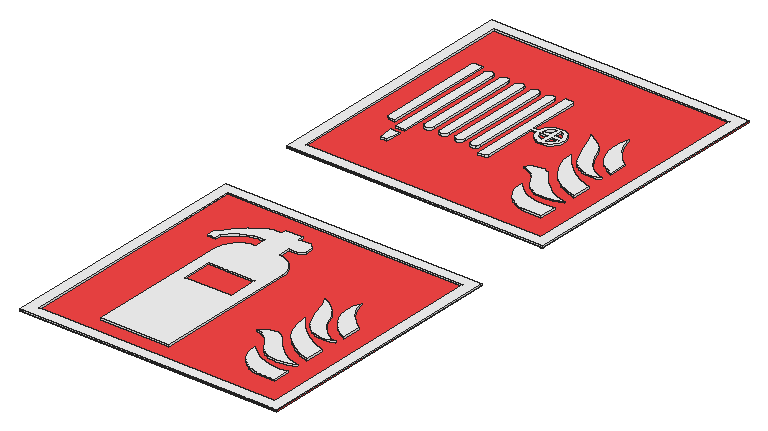
Revit family "GRAS_HWG-33N-K-20-30 HS Z", category Osprzęt hydrauliczny, Revit 2018
Family settings
  Obiekt nadrzędny = Powierzchnia
  Wymiar okrągłego złącza = Użyj średnicy
  Typ części = Normalny
  Tnij formami wycięć po wczytaniu = Nie
  Współdzielony = Nie
  Punkt obliczania pomieszczeń = Nie
Parameters (values of type "HWG-33N-K-20/30 HS-Z, RAL3000")
  W1 = 120 mm
  URL = "http://www.gras.pl/"
  Top Right Supply Connection = ""
  Top Left Supply Connection = ""
  Side Right Supply Connection = ""
  Side Left Supply Connection = ""
  Producent = "GRAS PPPH"
  Pictogram_height = 90 mm
  Opis = "http://gras.pl/wp-content/uploads/2020/01/gras-hwg-33n-k-20-30-hs-z.pdf"
  Model = "HWG-33N-K-20/30 HS-Z, RAL3000"
  K Factor = 42
  H1 = 120 mm
  Flow = 114.0 L/s
  Door_Right - Door_Left [instance] = no
  Default Elevation = 0 mm
  DN = 32 mm
  D1 = 120 mm
  Cabinet width = 995 mm
  Cabinet material = DC01, RAL3000
  Cabinet height = 895 mm
  Cabinet depth = 290 mm
  Back Right Supply Connection = ""
  Back Left Supply Connection = ""
  0 = 0 mm
Types (2, lengths in mm): name | Model | Cabinet material
  HWG-33N-K-20/30 HS-Z, RAL9010 | "HWG-33N-K-20/30 HS-Z, RAL9010" | DC01, RAL9010
  HWG-33N-K-20/30 HS-Z, RAL3000 | "HWG-33N-K-20/30 HS-Z, RAL3000" | DC01, RAL3000
Reference planes
  plane 1 "Środek (Przód/Tył)": y = 0
  plane 2: z = 0
  plane 3 "Środek (Lewa/Prawa)": x = 0
  plane 4: y = 447.5
  plane 5: y = -447.5
  plane 6: x = -497.5
  plane 7: x = 497.5
  plane 8: z = 290
  plane 9: z = 130
  plane 10: x = 397.5
  plane 11: z = 0
  plane 12: x = -397.5
  plane 13: z = 130
  plane 14: z = 130
Forms (mm)
  Extrusion 1, solid, not visible
    sketch origin (0, 0, 0) x (1, 0, 0) y (0, 1, 0)
      loop
        line (-1219.2, 1219.2) -> (-1219.2, -1219.2) -> (1219.2, -1219.2) -> (1219.2, 1219.2) -> (-1219.2, 1219.2)
    from 0 to -304.8
Dimensions and locks
  equal spacing: plane 4, plane 1 "Środek (Przód/Tył)", plane 5
  "Cabinet height": plane 4 to plane 5
  equal spacing: plane 6, plane 3 "Środek (Lewa/Prawa)", plane 7
  "Cabinet width": plane 6 to plane 7
  "Cabinet depth": plane 8 to Extrusion 1
  "0": nested 1 to plane 8
  "0": plane 3 "Środek (Lewa/Prawa)" to nested 1
  "0": plane 3 "Środek (Lewa/Prawa)" to nested 2
  "0": plane 1 "Środek (Przód/Tył)" to nested 2
  "Pictogram_height": plane 4 to nested 1
  "0": nested 2 to nested 3
  locked: nested 1 to nested 3 at 45
  aligned and locked: plane 2 to Extrusion 1
  aligned and locked: level to Extrusion 1
Automatic sketch dimensions
  Extrusion 1 sketch curve to Extrusion 1 sketch curve = 2438.4 mm  (x2)
Nested families
  nested 1: "pictogram_hydrant" at (0, 282.5, 290), type "150x150"
  nested 2: "Cabinet_complet" at (0, 0, 0), visible <- "Door_Right - Door_Left", type "Cabinet_complet"
    with W1 120 mm, Visible_Right yes, Left_Right no, Width 995 mm, H1 120 mm, Flow 114.0 L/s, Door_Width 995 mm, Door_Rubber 268 mm, Depth 290 mm, DN_Hole 52 mm, DN 32 mm, D1 120 mm
  nested 3: "pictogram_fire_extinguisher" at (0, 87.5, 290), type "150x150"
Connectors
  piping at (496.5, 327.5, 120), diameter 32, driven by "DN", driven by "Flow"
    settings: on nested 2, index 1, connector inside diameter 609.6 mm, connector length 0 mm, flow factor 0, pipe flow 114.0 L/s, pressure drop 0.0 Pa, fitting loss kfactor 0, connector angle 0.00°, fixture units 0, engagement length 0 mm, angle of deflection 0.00°, flow configuration 0, flow direction 0, fitting loss method 0, system type 7, joint type 0, gender type 0, connector reference index -1, connector utility 0, adjustable connector no, is connector primary yes, connector description ""
  piping at (377.5, 327.5, 1), diameter 32, driven by "DN", driven by "Flow"
    settings: on nested 2, index 2, connector inside diameter 609.6 mm, connector length 0 mm, flow factor 0, pipe flow 114.0 L/s, pressure drop 0.0 Pa, fitting loss kfactor 0, connector angle 0.00°, fixture units 0, engagement length 0 mm, angle of deflection 0.00°, flow configuration 0, flow direction 0, fitting loss method 0, system type 7, joint type 0, gender type 0, connector reference index -1, connector utility 0, adjustable connector no, is connector primary no, connector description ""
  piping at (-497.5, 327.5, 120), diameter 32, driven by "DN", driven by "Flow"
    settings: on nested 2, index 3, connector inside diameter 609.6 mm, connector length 0 mm, flow factor 0, pipe flow 114.0 L/s, pressure drop 0.0 Pa, fitting loss kfactor 0, connector angle 0.00°, fixture units 0, engagement length 0 mm, angle of deflection 0.00°, flow configuration 0, flow direction 0, fitting loss method 0, system type 19, joint type 0, gender type 0, connector reference index -1, connector utility 0, adjustable connector no, is connector primary no, connector description ""
  piping at (-377.5, 327.5, 0), diameter 32, driven by "DN"
    settings: on nested 2, index 4, connector inside diameter 609.6 mm, connector length 0 mm, flow factor 0, pipe flow 0.0 L/s, pressure drop 0.0 Pa, fitting loss kfactor 0, connector angle 0.00°, fixture units 0, engagement length 0 mm, angle of deflection 0.00°, flow configuration 0, flow direction 0, fitting loss method 0, system type 19, joint type 0, gender type 0, connector reference index -1, connector utility 0, adjustable connector no, is connector primary no, connector description ""
Definition of nested family "pictogram_hydrant"
  Parameters (values of type "150x150")
    pictogram_color_white = none
    pictogram_color_red = none
    W = 150 mm
    H = 150 mm
    Default Elevation = 1219.2 mm
  Reference planes
    plane 1 "Środek (Przód/Tył)": y = 0
    plane 2: z = 0
    plane 3 "Środek (Lewa/Prawa)": x = 0
    plane 4: x = -75
    plane 5: x = 75
    plane 6: y = 75
    plane 7: x = -75
    plane 8: x = 75
    plane 9: y = 75
    plane 10: y = -75
  Forms (mm)
    Extrusion 1, solid, material <- "pictogram_color_white", detail levels fine
      sketch origin (0, 0, 0) x (1, 0, 0) y (0, 1, 0)
        loop
          arc (-42.375, 34.5) -> (-45, 37.125) -> (-47.625, 34.5) r 2.625
          line (-47.625, 34.5) -> (-47.625, -29.625) -> (-42.375, -29.625) -> (-42.375, 34.5)
        loop
          arc (-38.625, -19.5) -> (-36, -22.125) -> (-33.375, -19.5) r 2.625
          line (-33.375, -19.5) -> (-33.375, 34.5)
          arc (-33.375, 34.5) -> (-36, 37.125) -> (-38.625, 34.5) r 2.625
          line (-38.625, 34.5) -> (-38.625, -19.5)
        loop
          arc (-29.625, -19.5) -> (-27, -22.125) -> (-24.375, -19.5) r 2.625
          line (-24.375, -19.5) -> (-24.375, 34.5)
          arc (-24.375, 34.5) -> (-27, 37.125) -> (-29.625, 34.5) r 2.625
          line (-29.625, 34.5) -> (-29.625, -19.5)
        loop
          arc (-20.625, -19.5) -> (-18, -22.125) -> (-15.375, -19.5) r 2.625
          line (-15.375, -19.5) -> (-15.375, 34.5)
          arc (-15.375, 34.5) -> (-18, 37.125) -> (-20.625, 34.5) r 2.625
          line (-20.625, 34.5) -> (-20.625, -19.5)
        loop
          arc (-11.625, -19.5) -> (-9, -22.125) -> (-6.375, -19.5) r 2.625
          line (-6.375, -19.5) -> (-6.375, 34.5)
          arc (-6.375, 34.5) -> (-9, 37.125) -> (-11.625, 34.5) r 2.625
          line (-11.625, 34.5) -> (-11.625, -19.5)
        loop
          arc (8.096, 6.375) -> (9.601, 3.593) -> (12.375, 2.075) r 5.587
          line (12.375, 2.075) -> (12.375, 6.375) -> (8.096, 6.375)
        loop
          arc (14.625, 2.05) -> (17.477, 3.549) -> (19.026, 6.375) r 5.587
          line (19.026, 6.375) -> (14.625, 6.375) -> (14.625, 2.05)
        loop
          arc (12.375, 12.994) -> (9.576, 11.45) -> (8.081, 8.625) r 5.587
          line (8.081, 8.625) -> (12.375, 8.625) -> (12.375, 12.994)
        loop
          arc (19.04, 8.625) -> (17.502, 11.494) -> (14.625, 13.019) r 5.587
          line (14.625, 13.019) -> (14.625, 8.625) -> (19.04, 8.625)
        loop
          arc (30.735, -35.586) -> (34.985, -47.78) -> (46.5, -53.625) r 17.285
          line (46.5, -53.625) -> (56.625, -53.625) -> (56.625, -43.857)
          arc (56.625, -43.857) -> (42.542, -43.284) -> (30.735, -35.586) r 26.558
        loop
          arc (43.5, 26.625) -> (44.037, 9.214) -> (56.632, -2.819) r 22.981
          line (56.632, -2.819) -> (56.601, 7.732)
          arc (56.601, 7.732) -> (48.159, 15.867) -> (43.5, 26.625) r 29.857
        loop
          arc (36.375, -1.5) -> (44.77, -9.178) -> (56.121, -8.425) r 14.487
          arc (56.121, -8.425) -> (50.239, -6.221) -> (45.629, -1.954) r 16.287
          arc (45.629, -1.954) -> (42.437, 2.964) -> (40.404, 8.464) r 26.509
          arc (40.404, 8.464) -> (34.776, 15.029) -> (27.375, 19.5) r 27.251
          arc (27.375, 19.5) -> (29.19, 16.657) -> (30.375, 13.5) r 16.152
          arc (30.375, 13.5) -> (32.842, 5.787) -> (36.375, -1.5) r 57.118
        loop
          line (75, -75) -> (75, 75) -> (-75, 75) -> (-75, -75) -> (75, -75)
        loop
          line (69, -69) -> (69, 69) -> (-69, 69) -> (-69, -69) -> (69, -69)
        loop
          line (-55.125, -25.5) -> (-51.375, -25.5) -> (-51.375, 38.625) -> (-55.125, 38.625) -> (-56.625, 37.125) -> (-56.625, -24) -> (-55.125, -25.5)
        loop
          line (-43.234, -41.671) -> (-42.368, -33.375) -> (-47.658, -33.375) -> (-46.721, -41.671) -> (-43.234, -41.671)
        loop
          line (5.748, 8.625) -> (2.625, 8.625) -> (2.625, 37.125) -> (1.125, 38.625) -> (-2.625, 38.625) -> (-2.625, -25.5) -> (1.125, -25.5) -> (2.625, -24) -> (2.625, 6.375) -> (5.748, 6.375)
          arc (5.748, 6.375) -> (21.333, 7.5) -> (5.748, 8.625) r 7.833
        loop
          arc (56.626, -18.699) -> (42.495, -11.687) -> (31.5, -0.375) r 46.748
          arc (31.5, -0.375) -> (38.925, -19.413) -> (56.626, -29.624) r 30.825
          line (56.626, -29.624) -> (56.626, -18.699)
        loop
          arc (30.403, -18.389) -> (25.366, -19.297) -> (21.375, -22.5) r 10.383
          arc (21.375, -22.5) -> (27.7, -25.134) -> (32.166, -30.331) r 14.829
          arc (32.166, -30.331) -> (35.524, -35.29) -> (40.5, -38.625) r 15.649
          arc (40.5, -38.625) -> (48.741, -38.75) -> (56.621, -36.335) r 26.465
          arc (56.621, -36.335) -> (49.534, -34.515) -> (43.5, -30.375) r 21.005
          arc (43.5, -30.375) -> (39.113, -26.466) -> (35.439, -21.881) r 35.088
          arc (35.439, -21.881) -> (33.209, -19.719) -> (30.403, -18.389) r 9.54
      from 0.2 to 1
    Extrusion 2, solid, material <- "pictogram_color_red", detail levels fine
      sketch origin (0, 0, 0) x (1, 0, 0) y (0, 1, 0)
        loop
          line (-75, 75) -> (-75, -75) -> (75, -75) -> (75, 75) -> (-75, 75)
      from 0 to 0.2
  Dimensions and locks
    equal spacing: plane 7, plane 3 "Środek (Lewa/Prawa)", plane 8
    "W": plane 7 to plane 8
    equal spacing: plane 9, plane 1 "Środek (Przód/Tył)", plane 10
    "H": plane 9 to plane 10
    aligned and locked: level to plane 2
    aligned and locked: Extrusion 1 to Extrusion 2  (x2)
    aligned and locked: Extrusion 2 to Extrusion 1  (x3)
    aligned and locked: Extrusion 1 to plane 7
    aligned and locked: plane 8 to Extrusion 1
    aligned and locked: plane 9 to Extrusion 1
    aligned and locked: Extrusion 1 to plane 10
  Automatic sketch dimensions
    Extrusion 1 sketch curve to Extrusion 1 sketch curve = 0 mm  (x22)
    Extrusion 1 sketch curve to plane 4 = 0 mm
    Extrusion 1 sketch curve to plane 5 = 0 mm
    Extrusion 1 sketch curve to plane 6 = 0 mm
    plane 4 to Extrusion 1 sketch curve = 6 mm
    plane 4 to Extrusion 1 sketch curve = 18.375 mm
    Extrusion 1 sketch curve to Extrusion 1 sketch curve = 1.5 mm  (x7)
    Extrusion 1 sketch curve to Extrusion 1 sketch curve = 3.75 mm  (x6)
    Extrusion 1 sketch curve to Extrusion 1 sketch curve = 3.717 mm
    Extrusion 1 sketch curve to Extrusion 1 sketch curve = 0.033 mm
    Extrusion 1 sketch curve to Extrusion 1 sketch curve = 0.938 mm
    Extrusion 1 sketch curve to Extrusion 1 sketch curve = 2.625 mm  (x7)
    Extrusion 1 sketch curve to Extrusion 1 sketch curve = 3.487 mm
    Extrusion 1 sketch curve to Extrusion 1 sketch curve = 0.007 mm
    Extrusion 1 sketch curve to plane 3 "Środek (Lewa/Prawa)" = 2.625 mm
    plane 3 "Środek (Lewa/Prawa)" to Extrusion 1 sketch curve = 1.125 mm  (x2)
    plane 3 "Środek (Lewa/Prawa)" to Extrusion 1 sketch curve = 2.625 mm
    Extrusion 1 sketch curve to Extrusion 1 sketch curve = 3.123 mm
    Extrusion 1 sketch curve to Extrusion 1 sketch curve = 2.333 mm
    Extrusion 1 sketch curve to Extrusion 1 sketch curve = 0.014 mm  (x2)
    Extrusion 1 sketch curve to Extrusion 1 sketch curve = 4.294 mm
    Extrusion 1 sketch curve to Extrusion 1 sketch curve = 1.125 mm  (x2)
    Extrusion 1 sketch curve to Extrusion 1 sketch curve = 0.061 mm
    Extrusion 1 sketch curve to Extrusion 1 sketch curve = 1.064 mm  (x2)
    Extrusion 1 sketch curve to Extrusion 1 sketch curve = 0.118 mm
    Extrusion 1 sketch curve to Extrusion 1 sketch curve = 2.539 mm
    plane 3 "Środek (Lewa/Prawa)" to Extrusion 1 sketch curve = 18.99 mm
    Extrusion 1 sketch curve to Extrusion 1 sketch curve = 4.401 mm
    Extrusion 1 sketch curve to Extrusion 1 sketch curve = 8.783 mm
    Extrusion 1 sketch curve to Extrusion 1 sketch curve = 1.895 mm
    plane 1 "Środek (Przód/Tył)" to Extrusion 1 sketch curve = 12.549 mm
    Extrusion 1 sketch curve to Extrusion 1 sketch curve = 15.349 mm
    Extrusion 1 sketch curve to plane 5 = 28.5 mm
    Extrusion 1 sketch curve to Extrusion 1 sketch curve = 1.545 mm
    Extrusion 1 sketch curve to Extrusion 1 sketch curve = 1.437 mm
    Extrusion 1 sketch curve to plane 1 "Środek (Przód/Tył)" = 4.493 mm
    Extrusion 1 sketch curve to Extrusion 1 sketch curve = 4.546 mm
    Extrusion 1 sketch curve to Extrusion 1 sketch curve = 4.061 mm
    Extrusion 1 sketch curve to Extrusion 1 sketch curve = 7.037 mm
    Extrusion 1 sketch curve to Extrusion 1 sketch curve = 10.125 mm
    Extrusion 1 sketch curve to Extrusion 1 sketch curve = 8.626 mm
    plane 1 "Środek (Przód/Tył)" to Extrusion 1 sketch curve = 2.819 mm
    Extrusion 1 sketch curve to Extrusion 1 sketch curve = 7.068 mm
    Extrusion 1 sketch curve to Extrusion 1 sketch curve = 1.594 mm
    Extrusion 1 sketch curve to Extrusion 1 sketch curve = 2.188 mm
    Extrusion 1 sketch curve to plane 1 "Środek (Przód/Tył)" = 0.672 mm
    Extrusion 1 sketch curve to Extrusion 1 sketch curve = 5.675 mm
    plane 1 "Środek (Przód/Tył)" to Extrusion 1 sketch curve = 2.314 mm
    Extrusion 1 sketch curve to Extrusion 1 sketch curve = 2.258 mm
    Extrusion 1 sketch curve to plane 5 = 9.975 mm
    Extrusion 1 sketch curve to Extrusion 1 sketch curve = 1.108 mm
    Extrusion 1 sketch curve to plane 5 = 6 mm
    Extrusion 1 sketch curve to plane 5 = 4.96 mm
    Extrusion 1 sketch curve to plane 5 = 2.306 mm
    plane 5 to Extrusion 1 sketch curve = 10.875 mm
    Extrusion 1 sketch curve to Extrusion 1 sketch curve = 12.572 mm
    Extrusion 1 sketch curve to Extrusion 1 sketch curve = 5.437 mm
    Extrusion 1 sketch curve to Extrusion 1 sketch curve = 3.308 mm
    plane 1 "Środek (Przód/Tył)" to Extrusion 1 sketch curve = 19.5 mm
    Extrusion 1 sketch curve to Extrusion 1 sketch curve = 4.5 mm  (x2)
    Extrusion 1 sketch curve to Extrusion 1 sketch curve = 6.213 mm
    Extrusion 1 sketch curve to Extrusion 1 sketch curve = 3.361 mm
    Extrusion 1 sketch curve to Extrusion 1 sketch curve = 1.186 mm
    Extrusion 1 sketch curve to Extrusion 1 sketch curve = 10.925 mm
    Extrusion 1 sketch curve to Extrusion 1 sketch curve = 4.125 mm
    Extrusion 1 sketch curve to Extrusion 1 sketch curve = 6.781 mm
    Extrusion 1 sketch curve to Extrusion 1 sketch curve = 9.577 mm
    Extrusion 1 sketch curve to Extrusion 1 sketch curve = 8.296 mm
    Extrusion 1 sketch curve to Extrusion 1 sketch curve = 7.452 mm
    Extrusion 1 sketch curve to Extrusion 1 sketch curve = 9.768 mm
    Extrusion 1 sketch curve to Extrusion 1 sketch curve = 27.329 mm
    Extrusion 1 sketch curve to Extrusion 1 sketch curve = 6 mm
    plane 1 "Środek (Przód/Tył)" to Extrusion 1 sketch curve = 5.765 mm
    Extrusion 1 sketch curve to plane 1 "Środek (Przód/Tył)" = 2.05 mm
    Extrusion 1 sketch curve to plane 1 "Środek (Przód/Tył)" = 2.075 mm
    Extrusion 1 sketch curve to Extrusion 1 sketch curve = 4.325 mm
    Extrusion 1 sketch curve to Extrusion 1 sketch curve = 0.034 mm
    Extrusion 1 sketch curve to plane 1 "Środek (Przód/Tył)" = 7.642 mm
    Extrusion 1 sketch curve to Extrusion 1 sketch curve = 0.09 mm
    Extrusion 1 sketch curve to Extrusion 1 sketch curve = 2.25 mm
    Extrusion 1 sketch curve to Extrusion 1 sketch curve = 0.809 mm
    Extrusion 1 sketch curve to Extrusion 1 sketch curve = 7.206 mm
    Extrusion 1 sketch curve to Extrusion 1 sketch curve = 3.727 mm
    Extrusion 1 sketch curve to Extrusion 1 sketch curve = 7.508 mm
    Extrusion 1 sketch curve to Extrusion 1 sketch curve = 0.917 mm
    Extrusion 1 sketch curve to Extrusion 1 sketch curve = 6.797 mm
    Extrusion 1 sketch curve to plane 1 "Środek (Przód/Tył)" = 34.5 mm
    Extrusion 1 sketch curve to plane 6 = 6 mm
    Extrusion 1 sketch curve to Extrusion 1 sketch curve = 6.399 mm
    Extrusion 1 sketch curve to Extrusion 1 sketch curve = 8.335 mm
    Extrusion 1 sketch curve to Extrusion 1 sketch curve = 3 mm
    Extrusion 1 sketch curve to Extrusion 1 sketch curve = 2.63 mm
    Extrusion 1 sketch curve to Extrusion 1 sketch curve = 2.497 mm
    Extrusion 1 sketch curve to Extrusion 1 sketch curve = 5.036 mm
    plane 1 "Środek (Przód/Tył)" to Extrusion 1 sketch curve = 1.5 mm
    Extrusion 1 sketch curve to Extrusion 1 sketch curve = 4.875 mm
    Extrusion 1 sketch curve to plane 1 "Środek (Przód/Tył)" = 8.464 mm
    Extrusion 1 sketch curve to Extrusion 1 sketch curve = 7.5 mm
    Extrusion 1 sketch curve to Extrusion 1 sketch curve = 3.063 mm
    plane 1 "Środek (Przód/Tył)" to Extrusion 1 sketch curve = 1.954 mm
    Extrusion 1 sketch curve to Extrusion 1 sketch curve = 0.005 mm
    Extrusion 2 sketch curve to plane 4 = 0 mm
    Extrusion 2 sketch curve to plane 5 = 0 mm
    Extrusion 2 sketch curve to plane 6 = 0 mm
    plane 1 "Środek (Przód/Tył)" to Extrusion 2 sketch curve = 75 mm
Definition of nested family "Cabinet_complet"
  Parameters (values of type "Cabinet_complet")
    W1 = 100 mm
    Visible_Right = not(Left_Right)  # no
    Thickness = 1 mm
    Rubber = 8 mm
    Roof = 40 mm
    Material_hinge_lock = none
    Material = none
    Left_Right = yes
    Hinge_H2 = Height - Roof - Frame - 100 mm  # 733 mm
    Hinge_H1 = 100 mm
    Half_Height = Height / 2  # 447.5 mm
    Height = 895 mm
    Width = 795 mm
    H1 = 130 mm
    Gap = 4 mm
    Frame = 22 mm
    Flow = 35.0 L/s
    Door_Width = Width  # 795 mm
    Door_Rubber = Depth - Door_Depth  # 228 mm
    Door_Height = Height - Gap - Roof - Frame  # 829 mm
    Door_Half_Height = Door_Height / 2  # 414.5 mm
    Door_Depth = 22 mm
    Depth = 250 mm
    DN_Hole = DN + 20 mm  # 45 mm
    DN = 25 mm
    D1 = 100 mm
    0 = 0 mm
  Reference planes
    plane 1 "Środek (Przód/Tył)": y = 0
    plane 2: z = 0
    plane 3 "Środek (Lewa/Prawa)": x = 0
    plane 4: z = 250
    plane 5: y = 895
    plane 6: y = -447.5
    plane 7: x = 397.5
    plane 8: x = -397.5
    plane 9: y = -33
  Dimensions and locks
    "0": plane 3 "Środek (Lewa/Prawa)" to nested 1
    "0": plane 1 "Środek (Przód/Tył)" to nested 1
    "Height": plane 5 to plane 1 "Środek (Przód/Tył)"
    "0": plane 3 "Środek (Lewa/Prawa)" to nested 2
    "Door_Rubber": nested 2 to plane 2
    "Half_Height": plane 1 "Środek (Przód/Tył)" to plane 6
    "0": nested 2 to plane 6
    equal spacing: plane 7, plane 3 "Środek (Lewa/Prawa)", plane 8
    "Width": plane 7 to plane 8
    "Depth": plane 4 to level
    "0": nested 3 to plane 8
    "0": nested 4 to plane 8
    "Hinge_H1": plane 6 to nested 4
    "Hinge_H2": nested 3 to plane 6
    "Gap": nested 3 to plane 4
    "Gap": plane 4 to nested 4
    "0": nested 6 to plane 8
    "0": plane 7 to nested 5
    "Door_Half_Height": plane 9 to plane 6
    "0": plane 9 to nested 5
    "0": nested 6 to plane 9
    "Gap": nested 6 to plane 4
    "Gap": plane 4 to nested 5
    "0": plane 3 "Środek (Lewa/Prawa)" to nested 7
    "0": nested 7 to plane 1 "Środek (Przód/Tył)"
    "0": plane 7 to nested 8
    "0": plane 7 to nested 9
    "Hinge_H1": plane 6 to nested 9
    "Hinge_H2": plane 6 to nested 8
    "Gap": plane 4 to nested 9
    "Gap": plane 4 to nested 8
    aligned and locked: level to plane 2
  Nested families
    nested 1: "HS-Z v2" at (0, 0, 0), visible <- "Visible_Right", type "HS-Z v2"
      with Srednica 45 mm
    nested 2: "door" at (0, -33, 228), type "door"
    nested 3: "zawias" at (-402.5, 310.5, 216) x (-1, 0, 0) z (0, 0, 1), visible <- "Left_Right", type "zawias"
    nested 4: "zawias" at (-402.5, -322.5, 216) x (-1, 0, 0) z (0, 0, 1), visible <- "Left_Right", type "zawias"
    nested 5: "zamek" at (397.5, -33, 211), visible <- "Left_Right", type "zamek"
    nested 6: "zamek" at (-397.5, -33, 211) x (-1, 0, 0) z (0, 0, 1), visible <- "Visible_Right", type "zamek"
    nested 7: "HS-Z v2" at (0, 0, 0) x (-1, 0, 0) z (0, 0, 1), visible <- "Left_Right", type "HS-Z v2"
      with Srednica 45 mm
    nested 8: "zawias" at (402.5, 310.5, 216), visible <- "Visible_Right", type "zawias"
    nested 9: "zawias" at (402.5, -322.5, 216), visible <- "Visible_Right", type "zawias"
  Definition of nested family "HS-Z v2"
    Parameters (values of type "HS-Z v2")
      Width = 795 mm
      W1 = 100 mm
      D1 = 100 mm
      Thickness = 1 mm
      Srednica = 100 mm
      Rubber = 8 mm
      Roof_out = 10 mm
      Roof_Height = 40 mm
      Materiał = none
      Height = 895 mm
      H1 = 130 mm
      Frame = 22 mm
      Door_Depth_rubber = Door_Depth + Rubber  # 30 mm
      Door_Depth = 22 mm
      Depth = 250 mm
      DN = 45 mm
      Cabinet_depth = Depth - Door_Depth_rubber  # 220 mm
      0 = 0 mm
    Reference planes
      plane 1 "Środek (Przód/Tył)": y = 0
      plane 2: z = 0
      plane 3 "Środek (Lewa/Prawa)": x = 0
      plane 4: x = -397.5
      plane 5: x = 397.5
      plane 6: y = 447.5
      plane 7: y = -447.5
      plane 8: z = 250
      plane 9: z = 220
      plane 10: y = 407.5
      plane 11: y = 385.5
      plane 12: z = 260
      plane 13: y = 363.5
      plane 14: z = 259
      plane 15: z = 1
      plane 16: y = -446.5
      plane 17: z = 219
      plane 18: y = 446.5
      plane 19: y = 386.5
      plane 20: y = 406.5
      plane 21: x = 396.5
      plane 22: x = -396.5
      plane 23: x = -375.5
      plane 24: x = 375.5
      plane 25: y = -425.5
      plane 26: y = 317.5
      plane 27: z = 100
      plane 28: x = 297.5
    Forms (mm)
      Extrusion 1, solid, material <- "Materiał"
        sketch origin (0, 0, 0) x (0, 1, 0) y (0, 0, 1)
          loop
            line (447.5, 0) -> (407.5, 260) -> (385.5, 260) -> (391.654, 220) -> (-447.5, 220) -> (-447.5, 0) -> (447.5, 0)
        from -397.5 to 397.5
      Extrusion 2, void
        sketch origin (0, 0, 0) x (0, 1, 0) y (0, 0, 1)
          loop
            line (446.5, 1) -> (406.5, 259) -> (386.5, 259) -> (392.702, 219) -> (-446.5, 219) -> (-446.5, 1) -> (446.5, 1)
        from -396.5 to 396.5
      Extrusion 3, void
        sketch origin (0, 0, 0) x (1, 0, 0) y (0, 1, 0)
          loop
            line (-375.5, 363.5) -> (-375.5, -425.5) -> (375.5, -425.5) -> (375.5, 363.5) -> (-375.5, 363.5)
        from 1 to 260
      Extrusion 4, void
        sketch origin (0, 0, 0) x (1, 0, 0) y (0, 1, 0)
          loop
            circle (297.5, 317.5) r 22.5
        from 0 to 110
      Extrusion 5, void
        sketch origin (397.5, 0, 0) x (0, -1, 0) y (0, 0, 1)
          loop
            circle (-317.5, 100) r 22.5
        from 0 to 1
    Cuts and joins
      Extrusion 2, Extrusion 3, Extrusion 4, Extrusion 5 cuts Extrusion 1
    Dimensions and locks
      equal spacing: plane 4, plane 3 "Środek (Lewa/Prawa)", plane 5
      "Width": plane 4 to plane 5
      equal spacing: plane 6, plane 1 "Środek (Przód/Tył)", plane 7
      "Height": plane 6 to plane 7
      "Roof_Height": plane 6 to plane 10
      "Frame": plane 10 to plane 11
      "Cabinet_depth": plane 9 to plane 2
      "Depth": plane 8 to plane 2
      "Roof_out": plane 12 to plane 8
      "Frame": plane 11 to plane 13
      "Thickness": plane 12 to plane 14
      "Thickness": plane 15 to plane 2
      "Thickness": plane 16 to plane 7
      "Thickness": plane 9 to plane 17
      "Thickness": plane 6 to plane 18
      "Thickness": plane 19 to plane 11
      "Thickness": plane 10 to plane 20
      "Thickness": plane 4 to plane 22
      "Thickness": plane 21 to plane 5
      "Frame": plane 25 to plane 7
      "Frame": plane 4 to plane 23
      "Frame": plane 24 to plane 5
      "0": cut or joined group of Extrusion 1, Extrusion 2, Extrusion 3, Extrusion 4, Extrusion 5 to plane 5
      "0": plane 4 to cut or joined group of Extrusion 1, Extrusion 2, Extrusion 3, Extrusion 4, Extrusion 5
      "0": plane 22 to cut or joined group of Extrusion 1, Extrusion 2, Extrusion 3, Extrusion 4, Extrusion 5
      "0": cut or joined group of Extrusion 1, Extrusion 2, Extrusion 3, Extrusion 4, Extrusion 5 to plane 21
      "0": plane 12 to cut or joined group of Extrusion 1, Extrusion 2, Extrusion 3, Extrusion 4, Extrusion 5
      "D1": plane 27 to level
      "H1": plane 6 to plane 26
      "W1": plane 28 to plane 5
      "0": cut or joined group of Extrusion 1, Extrusion 2, Extrusion 3, Extrusion 4, Extrusion 5 to cut or joined group of Extrusion 1, Extrusion 2, Extrusion 3, Extrusion 4, Extrusion 5
      "0": plane 21 to cut or joined group of Extrusion 1, Extrusion 2, Extrusion 3, Extrusion 4, Extrusion 5
      "0": Extrusion 5 sketch curve to plane 26
      "0": Extrusion 5 sketch curve to plane 27
      "DN": diameter of Extrusion 4 sketch curve
      "DN": diameter of Extrusion 5 sketch curve
      aligned and locked: level to plane 2
    Automatic sketch dimensions
      Extrusion 1 sketch curve to plane 7 = 0 mm
      Extrusion 1 sketch curve to plane 11 = 0 mm
      Extrusion 1 sketch curve to plane 9 = 0 mm
      Extrusion 1 sketch curve to plane 10 = 0 mm
      Extrusion 1 sketch curve to level = 0 mm
      Extrusion 1 sketch curve to plane 6 = 0 mm
      Extrusion 1 sketch curve to plane 12 = 0 mm
      Extrusion 1 sketch curve to plane 11 = 6.154 mm
      Extrusion 2 sketch curve to plane 16 = 0 mm
      Extrusion 2 sketch curve to plane 15 = 0 mm
      Extrusion 2 sketch curve to plane 14 = 0 mm
      Extrusion 2 sketch curve to plane 19 = 0 mm
      Extrusion 2 sketch curve to plane 17 = 0 mm
      Extrusion 2 sketch curve to plane 20 = 0 mm
      Extrusion 2 sketch curve to plane 18 = 0 mm
      Extrusion 2 sketch curve to plane 19 = 6.202 mm
      Extrusion 3 sketch curve to plane 23 = 0 mm
      plane 13 to Extrusion 3 sketch curve = 0 mm
      Extrusion 3 sketch curve to plane 24 = 0 mm
      Extrusion 3 sketch curve to plane 25 = 0 mm
      plane 26 to Extrusion 4 sketch curve = 0 mm
      Extrusion 4 sketch curve to plane 28 = 0 mm
  Definition of nested family "door"
    Parameters (values of type "door")
      Material = none
      Height = 829 mm
      Width = 795 mm
      Depth = 22 mm
      0 = 0 mm
    Reference planes
      plane 1 "Środek (Przód/Tył)": y = 0
      plane 2: z = 0
      plane 3 "Środek (Lewa/Prawa)": x = 0
      plane 4: x = -397.5
      plane 5: x = 397.5
      plane 6: y = 414.5
      plane 7: y = -414.5
      plane 8: z = 22
    Forms (mm)
      Extrusion 1, solid, material <- "Material"
        sketch origin (0, 0, 0) x (1, 0, 0) y (0, 1, 0)
          loop
            line (-397.5, 414.5) -> (-397.5, -414.5) -> (397.5, -414.5) -> (397.5, 414.5) -> (-397.5, 414.5)
        from 0 to 22
    Dimensions and locks
      equal spacing: plane 6, plane 1 "Środek (Przód/Tył)", plane 7
      equal spacing: plane 4, plane 3 "Środek (Lewa/Prawa)", plane 5
      "Width": plane 4 to plane 5
      "Height": plane 6 to plane 7
      "Depth": plane 8 to plane 2
      "0": plane 8 to Extrusion 1
      aligned and locked: level to plane 2
    Automatic sketch dimensions
      Extrusion 1 sketch curve to plane 4 = 0 mm
      Extrusion 1 sketch curve to plane 5 = 0 mm
      Extrusion 1 sketch curve to plane 7 = 0 mm
      Extrusion 1 sketch curve to plane 6 = 0 mm
  Definition of nested family "zawias"
    Parameters (values of type "zawias")
      width_height = 50 mm
      faza = 3 mm
      Visible = yes
      Materiał = none
      Depth = 10 mm
    Reference planes
      plane 1 "Środek (Przód/Tył)": y = 0
      plane 2: z = 0
      plane 3 "Środek (Lewa/Prawa)": x = 0
      plane 4: x = -25
      plane 5: y = 25
      plane 6: x = 25
      plane 7: y = -25
      plane 8: z = 10
      plane 9: z = 7
      plane 10: x = -3
      plane 11: x = 3
      plane 12: x = 22
      plane 13: x = -22
    Forms (mm)
      Extrusion 1, solid, material <- "Materiał"
        sketch origin (-5, 0, 5) x (0, 0, -1) y (1, 0, 0)
          loop
            line (-25, 0) -> (25, 0) -> (25, 7) -> (22, 10) -> (3, 10) -> (0, 7) -> (-3, 10) -> (-22, 10) -> (-25, 7) -> (-25, 0)
        from -25 to 25
    Dimensions and locks
      equal spacing: plane 4, plane 3 "Środek (Lewa/Prawa)", plane 6
      "width_height": plane 4 to plane 6
      equal spacing: plane 5, plane 1 "Środek (Przód/Tył)", plane 7
      "width_height": plane 5 to plane 7
      "Depth": plane 8 to plane 2
      "faza": plane 8 to plane 9
      "faza": plane 13 to plane 4
      "faza": plane 3 "Środek (Lewa/Prawa)" to plane 10
      "faza": plane 11 to plane 3 "Środek (Lewa/Prawa)"
      "faza": plane 6 to plane 12
      aligned and locked: level to plane 2
    Automatic sketch dimensions
      Extrusion 1 sketch curve to plane 10 = 2 mm
      plane 8 to Extrusion 1 sketch curve = 20 mm
      plane 11 to Extrusion 1 sketch curve = 2 mm  (x2)
      Extrusion 1 sketch curve to Extrusion 1 sketch curve = 3 mm  (x2)
      plane 9 to Extrusion 1 sketch curve = 1 mm
      Extrusion 1 sketch curve to plane 9 = 2 mm
      level to Extrusion 1 sketch curve = 2 mm
      Extrusion 1 sketch curve to level = 17 mm
      Extrusion 1 sketch curve to plane 11 = 1 mm  (x2)
  Definition of nested family "zamek"
    Parameters (values of type "zamek")
      height = 20 mm
      depth = 10 mm
      border = 3 mm
      Width = 35 mm
      Material = none
    Reference planes
      plane 1 "Środek (Przód/Tył)": y = 0
      plane 2: z = 0
      plane 3 "Środek (Lewa/Prawa)": x = 0
      plane 4: y = 10
      plane 5: y = -10
      plane 6: y = -7
      plane 7: y = 7
      plane 8: x = 10
      plane 9: x = 3
      plane 10: y = 4
      plane 11: y = -4
      plane 12: z = 35
    Forms (mm)
      Extrusion 1, solid, material <- "Material"
        sketch origin (0, 0, 0) x (1, 0, 0) y (0, 1, 0)
          loop
            line (0, 10) -> (0, -10) -> (10, -10) -> (10, -7) -> (3, -7) -> (3, -4) -> (10, -4) -> (10, 4) -> (3, 4) -> (3, 7) -> (10, 7) -> (10, 10) -> (0, 10)
        from 0 to 35
    Dimensions and locks
      equal spacing: plane 4, plane 1 "Środek (Przód/Tył)", plane 5
      "height": plane 4 to plane 5
      "border": plane 6 to plane 5
      "border": plane 7 to plane 4
      "border": plane 3 "Środek (Lewa/Prawa)" to plane 9
      "depth": plane 3 "Środek (Lewa/Prawa)" to plane 8
      "border": plane 10 to plane 7
      "border": plane 11 to plane 6
      "Width": plane 12 to plane 2
      aligned and locked: level to plane 2
    Automatic sketch dimensions
      Extrusion 1 sketch curve to plane 3 "Środek (Lewa/Prawa)" = 0 mm
      Extrusion 1 sketch curve to plane 9 = 0 mm  (x2)
      plane 7 to Extrusion 1 sketch curve = 0 mm
      Extrusion 1 sketch curve to plane 8 = 0 mm  (x3)
      Extrusion 1 sketch curve to plane 6 = 0 mm
      Extrusion 1 sketch curve to plane 5 = 0 mm
      Extrusion 1 sketch curve to plane 11 = 0 mm
      plane 10 to Extrusion 1 sketch curve = 0 mm
      Extrusion 1 sketch curve to plane 4 = 0 mm
Definition of nested family "pictogram_fire_extinguisher"
  Parameters (values of type "150x150")
    pictogram_color_white = none
    pictogram_color_red = none
    W = 150 mm
    H = 150 mm
    Default Elevation = 1219.2 mm
  Reference planes
    plane 1 "Środek (Przód/Tył)": y = 0
    plane 2: z = 0
    plane 3 "Środek (Lewa/Prawa)": x = 0
    plane 4: x = -75
    plane 5: x = 75
    plane 6: y = 75
    plane 7: x = -75
    plane 8: x = 75
    plane 9: y = 75
    plane 10: y = -75
  Forms (mm)
    Extrusion 1, solid, material <- "pictogram_color_white", detail levels fine
      sketch origin (0, 0, 0) x (1, 0, 0) y (0, 1, 0)
        loop
          arc (30.735, -35.586) -> (34.985, -47.78) -> (46.5, -53.625) r 17.285
          line (46.5, -53.625) -> (56.625, -53.625) -> (56.625, -43.857)
          arc (56.625, -43.857) -> (42.542, -43.284) -> (30.735, -35.586) r 26.558
        loop
          arc (43.5, 26.625) -> (44.037, 9.214) -> (56.632, -2.819) r 22.981
          line (56.632, -2.819) -> (56.601, 7.732)
          arc (56.601, 7.732) -> (48.159, 15.867) -> (43.5, 26.625) r 29.857
        loop
          arc (36.375, -1.5) -> (44.77, -9.178) -> (56.121, -8.425) r 14.487
          arc (56.121, -8.425) -> (50.239, -6.221) -> (45.629, -1.954) r 16.287
          arc (45.629, -1.954) -> (42.437, 2.964) -> (40.404, 8.464) r 26.509
          arc (40.404, 8.464) -> (34.776, 15.029) -> (27.375, 19.5) r 27.251
          arc (27.375, 19.5) -> (29.19, 16.657) -> (30.375, 13.5) r 16.152
          arc (30.375, 13.5) -> (32.842, 5.787) -> (36.375, -1.5) r 57.118
        loop
          line (75, -75) -> (75, 75) -> (-75, 75) -> (-75, -75) -> (75, -75)
        loop
          line (69, -69) -> (69, 69) -> (-69, 69) -> (-69, -69) -> (69, -69)
        loop
          arc (56.626, -18.699) -> (42.495, -11.687) -> (31.5, -0.375) r 46.748
          arc (31.5, -0.375) -> (38.925, -19.413) -> (56.626, -29.624) r 30.825
          line (56.626, -29.624) -> (56.626, -18.699)
        loop
          arc (30.403, -18.389) -> (25.366, -19.297) -> (21.375, -22.5) r 10.383
          arc (21.375, -22.5) -> (27.7, -25.134) -> (32.166, -30.331) r 14.829
          arc (32.166, -30.331) -> (35.524, -35.29) -> (40.5, -38.625) r 15.649
          arc (40.5, -38.625) -> (48.741, -38.75) -> (56.621, -36.335) r 26.465
          arc (56.621, -36.335) -> (49.534, -34.515) -> (43.5, -30.375) r 21.005
          arc (43.5, -30.375) -> (39.113, -26.466) -> (35.439, -21.881) r 35.088
          arc (35.439, -21.881) -> (33.209, -19.719) -> (30.403, -18.389) r 9.54
        loop
          arc (-28.135, 38.476) -> (-37.385, 33.902) -> (-41.122, 24.284) r 14.248
          line (-41.122, 24.284) -> (-41.122, -58.625) -> (-1.122, -58.625) -> (-1.122, 24.284)
          arc (-1.122, 24.284) -> (-4.874, 33.92) -> (-14.155, 38.48) r 14.248
          line (-14.155, 38.48) -> (-14.155, 45.253) -> (-9.049, 45.253) -> (-6.125, 48.144) -> (-6.125, 52.212) -> (-9.049, 55.098) -> (-16.14, 55.098) -> (-16.14, 57.958) -> (-26.127, 57.958) -> (-26.127, 55.097) -> (-29.697, 55.097)
          arc (-29.697, 55.097) -> (-31.398, 54.767) -> (-32.968, 54.035) r 7.098
          arc (-32.968, 54.035) -> (-36.94, 51.561) -> (-40.771, 48.874) r 85.578
          arc (-40.771, 48.874) -> (-46.273, 44.029) -> (-50.76, 38.23) r 38.589
          arc (-50.76, 38.23) -> (-51.27, 36.952) -> (-51.617, 35.62) r 10.98
          line (-51.617, 35.62) -> (-51.617, 32.886) -> (-47.043, 32.886) -> (-47.043, 35.62)
          arc (-47.043, 35.62) -> (-44.146, 39.006) -> (-40.795, 41.943) r 31.093
          arc (-40.795, 41.943) -> (-37.744, 43.697) -> (-34.414, 44.84) r 18.447
          arc (-34.414, 44.84) -> (-32.773, 45.137) -> (-31.107, 45.231) r 13.644
          line (-31.107, 45.231) -> (-28.135, 45.231) -> (-28.135, 38.476)
        loop
          line (-34.597, 12.634) -> (-34.597, -4.827) -> (-7.612, -4.827) -> (-7.612, 12.634) -> (-34.597, 12.634)
      from 0.2 to 1
    Extrusion 2, solid, material <- "pictogram_color_red", detail levels fine
      sketch origin (0, 0, 0) x (1, 0, 0) y (0, 1, 0)
        loop
          line (-75, 75) -> (-75, -75) -> (75, -75) -> (75, 75) -> (-75, 75)
      from 0 to 0.2
  Dimensions and locks
    equal spacing: plane 7, plane 3 "Środek (Lewa/Prawa)", plane 8
    "W": plane 7 to plane 8
    equal spacing: plane 9, plane 1 "Środek (Przód/Tył)", plane 10
    "H": plane 9 to plane 10
    aligned and locked: level to plane 2
    aligned and locked: Extrusion 1 to Extrusion 2  (x2)
    aligned and locked: Extrusion 2 to Extrusion 1  (x3)
    aligned and locked: Extrusion 1 to plane 7
    aligned and locked: plane 8 to Extrusion 1
    aligned and locked: plane 9 to Extrusion 1
    aligned and locked: Extrusion 1 to plane 10
  Automatic sketch dimensions
    Extrusion 2 sketch curve to plane 4 = 0 mm
    Extrusion 2 sketch curve to plane 5 = 0 mm
    Extrusion 2 sketch curve to plane 6 = 0 mm
    plane 1 "Środek (Przód/Tył)" to Extrusion 2 sketch curve = 75 mm
    Extrusion 1 sketch curve to plane 4 = 0 mm
    Extrusion 1 sketch curve to plane 5 = 0 mm
    Extrusion 1 sketch curve to plane 10 = 0 mm
    Extrusion 1 sketch curve to plane 6 = 0 mm
    plane 4 to Extrusion 1 sketch curve = 6 mm
    plane 3 "Środek (Lewa/Prawa)" to Extrusion 1 sketch curve = 14.743 mm
    plane 1 "Środek (Przód/Tył)" to Extrusion 1 sketch curve = 5.765 mm
    Extrusion 1 sketch curve to Extrusion 1 sketch curve = 2.421 mm
    plane 3 "Środek (Lewa/Prawa)" to Extrusion 1 sketch curve = 18.99 mm
    Extrusion 1 sketch curve to Extrusion 1 sketch curve = 8.783 mm
    Extrusion 1 sketch curve to Extrusion 1 sketch curve = 1.895 mm
    plane 1 "Środek (Przód/Tył)" to Extrusion 1 sketch curve = 12.549 mm
    Extrusion 1 sketch curve to Extrusion 1 sketch curve = 15.349 mm
    Extrusion 1 sketch curve to plane 5 = 28.5 mm
    Extrusion 1 sketch curve to Extrusion 1 sketch curve = 1.545 mm
    Extrusion 1 sketch curve to Extrusion 1 sketch curve = 1.437 mm
    Extrusion 1 sketch curve to plane 1 "Środek (Przód/Tył)" = 4.493 mm
    Extrusion 1 sketch curve to Extrusion 1 sketch curve = 4.546 mm
    Extrusion 1 sketch curve to Extrusion 1 sketch curve = 4.061 mm
    Extrusion 1 sketch curve to Extrusion 1 sketch curve = 7.037 mm
    Extrusion 1 sketch curve to Extrusion 1 sketch curve = 10.125 mm
    Extrusion 1 sketch curve to Extrusion 1 sketch curve = 6.002 mm
    plane 1 "Środek (Przód/Tył)" to Extrusion 1 sketch curve = 2.819 mm
    Extrusion 1 sketch curve to Extrusion 1 sketch curve = 7.068 mm
    Extrusion 1 sketch curve to Extrusion 1 sketch curve = 1.594 mm
    Extrusion 1 sketch curve to Extrusion 1 sketch curve = 2.188 mm
    Extrusion 1 sketch curve to plane 1 "Środek (Przód/Tył)" = 0.672 mm
    Extrusion 1 sketch curve to Extrusion 1 sketch curve = 5.675 mm
    plane 1 "Środek (Przód/Tył)" to Extrusion 1 sketch curve = 2.314 mm
    Extrusion 1 sketch curve to Extrusion 1 sketch curve = 2.258 mm
    Extrusion 1 sketch curve to plane 5 = 9.975 mm
    Extrusion 1 sketch curve to Extrusion 1 sketch curve = 1.108 mm
    Extrusion 1 sketch curve to plane 5 = 6 mm
    Extrusion 1 sketch curve to plane 5 = 4.96 mm
    Extrusion 1 sketch curve to plane 5 = 2.306 mm
    plane 5 to Extrusion 1 sketch curve = 10.875 mm
    Extrusion 1 sketch curve to Extrusion 1 sketch curve = 4.574 mm
    Extrusion 1 sketch curve to Extrusion 1 sketch curve = 6.204 mm
    Extrusion 1 sketch curve to Extrusion 1 sketch curve = 6.525 mm
    Extrusion 1 sketch curve to Extrusion 1 sketch curve = 9.671 mm
    Extrusion 1 sketch curve to Extrusion 1 sketch curve = 0.061 mm
    Extrusion 1 sketch curve to Extrusion 1 sketch curve = 1.05 mm
    Extrusion 1 sketch curve to Extrusion 1 sketch curve = 1.41 mm
    Extrusion 1 sketch curve to Extrusion 1 sketch curve = 1.902 mm
    Extrusion 1 sketch curve to Extrusion 1 sketch curve = 2.972 mm
    Extrusion 1 sketch curve to Extrusion 1 sketch curve = 3.244 mm
    Extrusion 1 sketch curve to Extrusion 1 sketch curve = 3.57 mm
    Extrusion 1 sketch curve to Extrusion 1 sketch curve = 4.846 mm
    Extrusion 1 sketch curve to Extrusion 1 sketch curve = 3.894 mm
    Extrusion 1 sketch curve to Extrusion 1 sketch curve = 9.987 mm
    Extrusion 1 sketch curve to Extrusion 1 sketch curve = 2.765 mm
    Extrusion 1 sketch curve to Extrusion 1 sketch curve = 13.98 mm
    Extrusion 1 sketch curve to Extrusion 1 sketch curve = 7.09 mm
    Extrusion 1 sketch curve to Extrusion 1 sketch curve = 5.106 mm
    Extrusion 1 sketch curve to Extrusion 1 sketch curve = 10.522 mm
    Extrusion 1 sketch curve to Extrusion 1 sketch curve = 2.924 mm
    Extrusion 1 sketch curve to Extrusion 1 sketch curve = 40 mm
    Extrusion 1 sketch curve to Extrusion 1 sketch curve = 17.878 mm
    plane 10 to Extrusion 1 sketch curve = 6 mm
    plane 10 to Extrusion 1 sketch curve = 21.375 mm
    Extrusion 1 sketch curve to Extrusion 1 sketch curve = 9.768 mm
    Extrusion 1 sketch curve to Extrusion 1 sketch curve = 31.371 mm
    Extrusion 1 sketch curve to Extrusion 1 sketch curve = 7.452 mm
    Extrusion 1 sketch curve to Extrusion 1 sketch curve = 6.781 mm
    Extrusion 1 sketch curve to Extrusion 1 sketch curve = 8.39 mm
    Extrusion 1 sketch curve to Extrusion 1 sketch curve = 1.186 mm
    Extrusion 1 sketch curve to Extrusion 1 sketch curve = 5.426 mm
    Extrusion 1 sketch curve to Extrusion 1 sketch curve = 10.925 mm
    Extrusion 1 sketch curve to Extrusion 1 sketch curve = 0.714 mm
    Extrusion 1 sketch curve to Extrusion 1 sketch curve = 3.308 mm
    Extrusion 1 sketch curve to plane 1 "Środek (Przód/Tył)" = 7.642 mm
    Extrusion 1 sketch curve to Extrusion 1 sketch curve = 0.09 mm
    Extrusion 1 sketch curve to plane 1 "Środek (Przód/Tył)" = 9.434 mm
    Extrusion 1 sketch curve to Extrusion 1 sketch curve = 7.206 mm
    Extrusion 1 sketch curve to Extrusion 1 sketch curve = 3.727 mm
    Extrusion 1 sketch curve to Extrusion 1 sketch curve = 7.508 mm
    Extrusion 1 sketch curve to Extrusion 1 sketch curve = 0.917 mm
    Extrusion 1 sketch curve to Extrusion 1 sketch curve = 6.797 mm
    Extrusion 1 sketch curve to plane 6 = 6 mm
    Extrusion 1 sketch curve to Extrusion 1 sketch curve = 14.992 mm
    Extrusion 1 sketch curve to Extrusion 1 sketch curve = 17.461 mm
    Extrusion 1 sketch curve to Extrusion 1 sketch curve = 4.518 mm
    Extrusion 1 sketch curve to Extrusion 1 sketch curve = 0.471 mm
    Extrusion 1 sketch curve to Extrusion 1 sketch curve = 11.65 mm  (x2)
    Extrusion 1 sketch curve to Extrusion 1 sketch curve = 2.616 mm
    Extrusion 1 sketch curve to Extrusion 1 sketch curve = 4.688 mm
    Extrusion 1 sketch curve to Extrusion 1 sketch curve = 8.602 mm
    Extrusion 1 sketch curve to Extrusion 1 sketch curve = 0.64 mm
    Extrusion 1 sketch curve to Extrusion 1 sketch curve = 2.734 mm  (x2)
    Extrusion 1 sketch curve to Extrusion 1 sketch curve = 6.756 mm
    Extrusion 1 sketch curve to Extrusion 1 sketch curve = 6.773 mm
    Extrusion 1 sketch curve to Extrusion 1 sketch curve = 2.785 mm
    Extrusion 1 sketch curve to Extrusion 1 sketch curve = 2.891 mm
    Extrusion 1 sketch curve to Extrusion 1 sketch curve = 4.067 mm
    Extrusion 1 sketch curve to Extrusion 1 sketch curve = 7.081 mm
    Extrusion 1 sketch curve to Extrusion 1 sketch curve = 0.001 mm
    Extrusion 1 sketch curve to Extrusion 1 sketch curve = 2.862 mm
    Extrusion 1 sketch curve to Extrusion 1 sketch curve = 6.399 mm
    Extrusion 1 sketch curve to Extrusion 1 sketch curve = 12.632 mm
    Extrusion 1 sketch curve to Extrusion 1 sketch curve = 3 mm
    Extrusion 1 sketch curve to Extrusion 1 sketch curve = 2.63 mm
    Extrusion 1 sketch curve to Extrusion 1 sketch curve = 2.497 mm
    Extrusion 1 sketch curve to Extrusion 1 sketch curve = 5.036 mm
    plane 1 "Środek (Przód/Tył)" to Extrusion 1 sketch curve = 1.5 mm
    Extrusion 1 sketch curve to Extrusion 1 sketch curve = 4.875 mm
    Extrusion 1 sketch curve to plane 1 "Środek (Przód/Tył)" = 8.464 mm
    Extrusion 1 sketch curve to Extrusion 1 sketch curve = 7.5 mm
    Extrusion 1 sketch curve to Extrusion 1 sketch curve = 3.063 mm
    plane 1 "Środek (Przód/Tył)" to Extrusion 1 sketch curve = 1.954 mm
    Extrusion 1 sketch curve to Extrusion 1 sketch curve = 0.005 mm
    Extrusion 1 sketch curve to Extrusion 1 sketch curve = 0.857 mm
    Extrusion 1 sketch curve to Extrusion 1 sketch curve = 0.044 mm
    Extrusion 1 sketch curve to Extrusion 1 sketch curve = 0.024 mm
    plane 4 to Extrusion 1 sketch curve = 23.383 mm
    Extrusion 1 sketch curve to Extrusion 1 sketch curve = 0.283 mm
    plane 10 to Extrusion 1 sketch curve = 16.375 mm
    Extrusion 1 sketch curve to Extrusion 1 sketch curve = 2.681 mm
